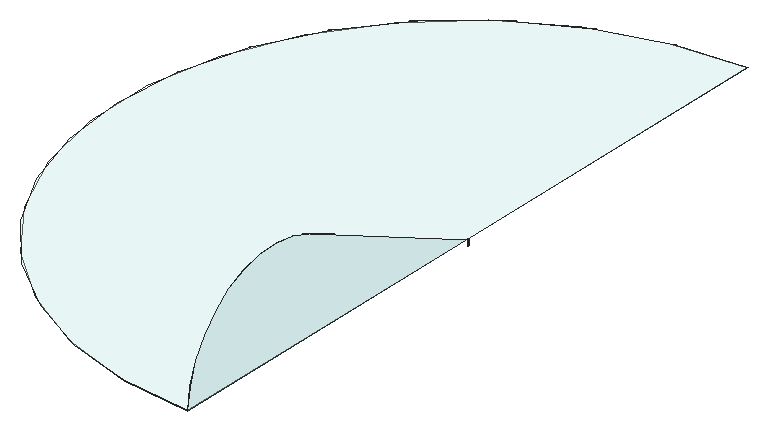
Revit family "Rotor Falvon 6504 Series - 6504FC", category Acessórios do tubo, Revit 2020
Family settings
  Cota do conector redondo = Utilizar diâmetro
  Tipo de parte = Normal
  Número OmniClass = 23.60.30.11.14
  Título OmniClass = Pipework Fittings
  Com base no plano de trabalho = Não
  Sempre na vertical = Sim
  Corte com vazios quando carregada = Não
  Compartilhado = Não
Parameters (values of type "Nozzle 18")
  Water = Water
  URL = "https://www.rainbird.com/"
  TABLE 90 = "TABLE 90psi"
  TABLE 80 = "TABLE 80psi"
  TABLE 70 = "TABLE 70psi"
  TABLE 60 = "TABLE 60psi"
  TABLE 50 = "TABLE 50psi"
  TABLE 40 = "TABLE 40psi"
  TABLE 30 = "TABLE 30psi"
  SupportProjetos: Reviw Date = ""  # constant formula
  SupportProjetos: Reviw = "R00"  # constant formula
  SupportProjetos: Level of Detail = "LOD 300"  # constant formula
  SupportProjetos: Developed = "MICHEL SOARES MOTA"  # constant formula
  SupportProjetos: Creation Date = "07/08/2020"  # constant formula
  Side inlet = no
  Rotation Water Visibility [instance] = Pop up on  # yes
  Rotation Angle [instance] = 180.00°
  RainBird: Product Link = "https://www.rainbird.com/"
  RainBird: Description = "FALCON 6504-FC Rotor "  # constant formula
  RainBird: Comment [instance] = ""
  RainBird: Code = "B65011"  # constant formula
  Radius [instance] = if(and(Pressure = 30.0 psi, Instance < 3 ft), size_lookup(TABLE 30, "Radius", 0 ft, Instance), if(and(Pressure = 40.0 psi, Instance < 9 ft), size_lookup(TABLE 40, "Radius", 0 ft, Instance), if(and(Pressure = 50.0 psi, Instance < 9 ft), size_lookup(TABLE 50, "Radius", 0 ft, Instance), if(and(Pressure = 60.0 psi, Instance < 9 ft), size_lookup(TABLE 60, "Radius", 0 ft, Instance), if(and(Pressure = 70.0 psi, Instance < 9 ft), size_lookup(TABLE 70, "Radius", 0 ft, Instance), if(and(Pressure = 80.0 psi, Instance < 9 ft), size_lookup(TABLE 80, "Radius", 0 ft, Instance), if(and(Pressure = 90.0 psi, Instance > 7 ft), size_lookup(TABLE 90, "Radius", 600 ft, Instance), 0 ft)))))))  # 63 ft
  RT = 0.009893 ft
  RN = 0.032808 ft
  R5 = 0.03937 ft
  R4 = 0.04101 ft
  R3 = 0.065617 ft
  R2 = 0.075407 ft
  R1 = 0.032808 ft
  Pressure [instance] = 60.0 psi
  Pop up height = 0.334646 ft
  Pop up on [instance] = yes
  Modelo = "6504-FC"  # constant formula
  Instance = 8 ft
  H1 = Body height / 3  # 0.236333 ft
  Flow [instance] = if(and(Pressure = 30.0 psi, Instance < 3 ft), size_lookup(TABLE 30, "Flow", 0.0 GPM, Instance), if(and(Pressure = 40.0 psi, Instance < 9 ft), size_lookup(TABLE 40, "Flow", 0.0 GPM, Instance), if(and(Pressure = 50.0 psi, Instance < 9 ft), size_lookup(TABLE 50, "Flow", 0.0 GPM, Instance), if(and(Pressure = 60.0 psi, Instance < 9 ft), size_lookup(TABLE 60, "Flow", 0.0 GPM, Instance), if(and(Pressure = 70.0 psi, Instance < 9 ft), size_lookup(TABLE 70, "Flow", 0.0 GPM, Instance), if(and(Pressure = 80.0 psi, Instance < 9 ft), size_lookup(TABLE 80, "Flow", 0.0 GPM, Instance), if(and(Pressure = 90.0 psi, Instance > 7 ft), size_lookup(TABLE 90, "Flow", 0.0 GPM, Instance), 0.0 GPM)))))))  # 17.1 GPM
  Fabricante = "Rain Bird"
  Elevação padrão = 0 ft
  Description = RainBird: Description  # "FALCON 6504-FC Rotor "
  DD13 = 0.002625 ft
  DD12 = 0.003937 ft
  DD11 = 0.009897 ft
  DD10 = 0.016404 ft
  DD8 [instance] = if(Pop up on, Pop up height, 0 ft)  # 0.334646 ft
  DD7 = 0.019685 ft
  DD6 [instance] = 0.016404 ft
  DD5 = 0.065617 ft
  DD4 = 0.032808 ft
  DD3 = 0.091048 ft
  DD2 [instance] = 0.024514 ft
  DD9 [instance] = if(Pop up on, Pop up height + 0.049541 ft, 0 ft)  # 0.384186 ft
  DD1 = 0.006562 ft
  Conection = 0.062664 ft  # constant formula
  Body height = 0.709 ft  # constant formula
  Blue = Blue Plastic
  Black Plastic = Black Plastic
  Angle = 25.00°
Types (9, lengths in ft): name | Radius | Pressure | Instance | Flow
  (no name) | 63 | 60.0 psi | 8 | 17.1 GPM
  Nozzle 4 | 43 | 80.0 psi | 1 | 4.6 GPM
  Nozzle 6 | 49 | 80.0 psi | 2 | 4.9 GPM
  Nozzle 8 | 53 | 80.0 psi | 3 | 9.4 GPM
  Nozzle 10 | 55 | 80.0 psi | 4 | 11.6 GPM
  Nozzle 12 | 61 | 80.0 psi | 5 | 14.0 GPM
  Tipo 14 | 61 | 80.0 psi | 6 | 16.2 GPM
  Nozzle 16 | 63 | 80.0 psi | 7 | 18.1 GPM
  Nozzle 18 | 63 | 60.0 psi | 8 | 17.1 GPM
Reference planes (ft)
  plane 1 "Centro (Frente/Trás)": y = 0
  plane 2: z = 0
  plane 3 "Centro (Esquerda/Direita)": x = 0
  plane 4: z = 0.003937
  plane 5: z = 0.002625
  plane 6: y = -0.065617
Forms (ft)
  Revolve 1, solid, material "Black Plastic" <- "Black Plastic"
    sketch origin (0, 0, 0) x (1, 0, 0) y (0, 0, 1)
      loop
        line (0.075407, -0.091048) -> (0.075407, -0.035324)
        arc (0.075407, -0.035324) -> (0.072509, -0.028329) -> (0.065514, -0.025431) r 0.009893
        line (0.065514, -0.025431) -> (0.046098, -0.025431) -> (0.046098, 0) -> (0.03937, 0) -> (0.03937, -0.334646) -> (0.019685, -0.334646) -> (0.019685, -0.702438) -> (0.032808, -0.702438) -> (0.032808, -0.709) -> (0.04101, -0.709) -> (0.04101, -0.702438) -> (0.055724, -0.702438)
        arc (0.055724, -0.702438) -> (0.062719, -0.699541) -> (0.065617, -0.692545) r 0.009893
        line (0.065617, -0.692545) -> (0.065617, -0.091048) -> (0.075407, -0.091048)
      axis (0, -0.709) -> (0, 0)
    angle from 0 to 360
  Extrusion 2, solid, material "Black Plastic" <- "Black Plastic"
    sketch origin (0, 0, 0) x (1, 0, 0) y (0, 1, 0)
      loop
        circle (0, 0) r 0.032808
    from -0.334646 to 0.334646
  Extrusion 3, void
    sketch origin (0, 0, 0) x (1, 0, 0) y (0, 1, 0)
      loop
        circle (0, 0) r 0.022844
    from -0.334646 to 0.334646
  Revolve 4, solid, material "Black Plastic" <- "Black Plastic"
    sketch origin (0, 0, 0) x (1, 0, 0) y (0, 0, 1)
      loop
        line (0, 0.334646) -> (0.037004, 0.334646) -> (0.037004, 0.344543)
        arc (0.037004, 0.344543) -> (0.01879, 0.349436) -> (0, 0.35105) r 0.10685
        line (0, 0.35105) -> (0, 0.334646)
      axis (0, 0.334646) -> (0, 0.35105)
    angle from 0 to 360
  Extrusion 5, solid, material "Blue Plastic" <- "Blue"
    sketch origin (0, 0, 0) x (1, 0, 0) y (0, 0, 1)
      loop
        circle (0, 0.310131) r 0.009129
      loop
        circle (0, 0.310131) r 0.004793
    from 0 to 0.034386
  Extrusion 6, void
    sketch origin (0, 0, 0) x (1, 0, 0) y (0, 0, 1)
      loop
        line (-0.02074, 0.328055) -> (-0.02074, 0.282426) -> (0.020672, 0.282426) -> (0.020672, 0.328055) -> (-0.02074, 0.328055)
      loop
        line (-0.018439, 0.325179) -> (-0.018439, 0.285685) -> (0.018179, 0.285685) -> (0.018179, 0.325179) -> (-0.018439, 0.325179)
    from 0.024556 to 0.06931
  Extrusion 7, solid, material "Black Plastic" <- "Black Plastic"
    sketch origin (0, 0, 0) x (1, 0, 0) y (0, 0, 1)
      loop
        line (0.046098, 0) -> (0.046098, -0.036876) -> (0.073493, -0.036876) -> (0.046098, 0)
    from -0.002998 to 0.002998
  Extrusion 8, solid, material "Black Plastic" <- "Black Plastic"
    sketch origin (0, 0, 0) x (-1, 0, 0) y (0, 0, -1)
      loop
        line (0.046098, 0) -> (0.073493, 0.036876) -> (0.046098, 0.036876) -> (0.046098, 0)
    from -0.002998 to 0.002998
  Extrusion 9, solid, material "Black Plastic" <- "Black Plastic"
    sketch origin (0, 0, 0) x (0.866025, 0.5, 0) y (0, 0, 1)
      loop
        line (0.046098, 0) -> (0.046098, -0.036876) -> (0.073493, -0.036876) -> (0.046098, 0)
    from -0.002998 to 0.002998
  Extrusion 10, solid, material "Black Plastic" <- "Black Plastic"
    sketch origin (0, 0, 0) x (-0.866025, -0.5, 0) y (0, 0, -1)
      loop
        line (0.046098, 0) -> (0.073493, 0.036876) -> (0.046098, 0.036876) -> (0.046098, 0)
    from -0.002998 to 0.002998
  Extrusion 11, solid, material "Black Plastic" <- "Black Plastic"
    sketch origin (0, 0, 0) x (0, 1, 0) y (0, 0, 1)
      loop
        line (0.046098, 0) -> (0.046098, -0.036876) -> (0.073493, -0.036876) -> (0.046098, 0)
    from -0.002998 to 0.002998
  Extrusion 12, solid, material "Black Plastic" <- "Black Plastic"
    sketch origin (0, 0, 0) x (0, -1, 0) y (0, 0, -1)
      loop
        line (0.046098, 0) -> (0.073493, 0.036876) -> (0.046098, 0.036876) -> (0.046098, 0)
    from -0.002998 to 0.002998
  Extrusion 13, solid, material "Black Plastic" <- "Black Plastic"
    sketch origin (0, 0, 0) x (0.5, 0.866025, 0) y (0, 0, 1)
      loop
        line (0.046098, 0) -> (0.046098, -0.036876) -> (0.073493, -0.036876) -> (0.046098, 0)
    from -0.002998 to 0.002998
  Extrusion 14, solid, material "Black Plastic" <- "Black Plastic"
    sketch origin (0, 0, 0) x (-0.5, -0.866025, 0) y (0, 0, -1)
      loop
        line (0.046098, 0) -> (0.073493, 0.036876) -> (0.046098, 0.036876) -> (0.046098, 0)
    from -0.002998 to 0.002998
  Extrusion 15, solid, material "Black Plastic" <- "Black Plastic"
    sketch origin (0, 0, 0) x (-0.5, 0.866025, 0) y (0, 0, 1)
      loop
        line (0.046098, 0) -> (0.046098, -0.036876) -> (0.073493, -0.036876) -> (0.046098, 0)
    from -0.002998 to 0.002998
  Extrusion 16, solid, material "Black Plastic" <- "Black Plastic"
    sketch origin (0, 0, 0) x (0.5, -0.866025, 0) y (0, 0, -1)
      loop
        line (0.046098, 0) -> (0.073493, 0.036876) -> (0.046098, 0.036876) -> (0.046098, 0)
    from -0.002998 to 0.002998
  Extrusion 17, solid, material "Black Plastic" <- "Black Plastic"
    sketch origin (0, 0, 0) x (-0.866025, 0.5, 0) y (0, 0, 1)
      loop
        line (0.046098, 0) -> (0.046098, -0.036876) -> (0.073493, -0.036876) -> (0.046098, 0)
    from -0.002998 to 0.002998
  Extrusion 18, solid, material "Black Plastic" <- "Black Plastic"
    sketch origin (0, 0, 0) x (0.866025, -0.5, 0) y (0, 0, -1)
      loop
        line (0.046098, 0) -> (0.073493, 0.036876) -> (0.046098, 0.036876) -> (0.046098, 0)
    from -0.002998 to 0.002998
  Extrusion 19, void
    sketch origin (0, 0, 0) x (1, 0, 0) y (0, 1, 0)
      loop
        line (-0.002998, 0.077702) -> (-0.002998, 0.071655) -> (0.002998, 0.071655) -> (0.002998, 0.077702) -> (-0.002998, 0.077702)
    from -0.091048 to 0.82021
  Extrusion 20, void
    sketch origin (0, 0, 0) x (1, 0, 0) y (0, 1, 0)
      loop
        line (0.002998, -0.077702) -> (0.002998, -0.071655) -> (-0.002998, -0.071655) -> (-0.002998, -0.077702) -> (0.002998, -0.077702)
    from -0.091048 to 0.82021
  Extrusion 21, void
    sketch origin (0, 0, 0) x (0.965926, 0.258819, 0) y (-0.258819, 0.965926, 0)
      loop
        line (-0.002998, 0.077702) -> (-0.002998, 0.071655) -> (0.002998, 0.071655) -> (0.002998, 0.077702) -> (-0.002998, 0.077702)
    from -0.091048 to 0.82021
  Extrusion 22, void
    sketch origin (0, 0, 0) x (0.965926, 0.258819, 0) y (-0.258819, 0.965926, 0)
      loop
        line (0.002998, -0.077702) -> (0.002998, -0.071655) -> (-0.002998, -0.071655) -> (-0.002998, -0.077702) -> (0.002998, -0.077702)
    from -0.091048 to 0.82021
  Extrusion 23, void
    sketch origin (0, 0, 0) x (0.866025, 0.5, 0) y (-0.5, 0.866025, 0)
      loop
        line (-0.002998, 0.077702) -> (-0.002998, 0.071655) -> (0.002998, 0.071655) -> (0.002998, 0.077702) -> (-0.002998, 0.077702)
    from -0.091048 to 0.82021
  Extrusion 24, void
    sketch origin (0, 0, 0) x (0.866025, 0.5, 0) y (-0.5, 0.866025, 0)
      loop
        line (0.002998, -0.077702) -> (0.002998, -0.071655) -> (-0.002998, -0.071655) -> (-0.002998, -0.077702) -> (0.002998, -0.077702)
    from -0.091048 to 0.82021
  Extrusion 25, void
    sketch origin (0, 0, 0) x (0.5, 0.866025, 0) y (-0.866025, 0.5, 0)
      loop
        line (-0.002998, 0.077702) -> (-0.002998, 0.071655) -> (0.002998, 0.071655) -> (0.002998, 0.077702) -> (-0.002998, 0.077702)
    from -0.091048 to 0.82021
  Extrusion 26, void
    sketch origin (0, 0, 0) x (0.5, 0.866025, 0) y (-0.866025, 0.5, 0)
      loop
        line (0.002998, -0.077702) -> (0.002998, -0.071655) -> (-0.002998, -0.071655) -> (-0.002998, -0.077702) -> (0.002998, -0.077702)
    from -0.091048 to 0.82021
  Extrusion 27, void
    sketch origin (0, 0, 0) x (0.707107, 0.707107, 0) y (-0.707107, 0.707107, 0)
      loop
        line (-0.002998, 0.077702) -> (-0.002998, 0.071655) -> (0.002998, 0.071655) -> (0.002998, 0.077702) -> (-0.002998, 0.077702)
    from -0.091048 to 0.82021
  Extrusion 28, void
    sketch origin (0, 0, 0) x (0.707107, 0.707107, 0) y (-0.707107, 0.707107, 0)
      loop
        line (0.002998, -0.077702) -> (0.002998, -0.071655) -> (-0.002998, -0.071655) -> (-0.002998, -0.077702) -> (0.002998, -0.077702)
    from -0.091048 to 0.82021
  Extrusion 29, void
    sketch origin (0, 0, 0) x (0.258819, 0.965926, 0) y (-0.965926, 0.258819, 0)
      loop
        line (-0.002998, 0.077702) -> (-0.002998, 0.071655) -> (0.002998, 0.071655) -> (0.002998, 0.077702) -> (-0.002998, 0.077702)
    from -0.091048 to 0.82021
  Extrusion 30, void
    sketch origin (0, 0, 0) x (0.258819, 0.965926, 0) y (-0.965926, 0.258819, 0)
      loop
        line (0.002998, -0.077702) -> (0.002998, -0.071655) -> (-0.002998, -0.071655) -> (-0.002998, -0.077702) -> (0.002998, -0.077702)
    from -0.091048 to 0.82021
  Extrusion 31, void
    sketch origin (0, 0, 0) x (0, 1, 0) y (-1, 0, 0)
      loop
        line (-0.002998, 0.077702) -> (-0.002998, 0.071655) -> (0.002998, 0.071655) -> (0.002998, 0.077702) -> (-0.002998, 0.077702)
    from -0.091048 to 0.82021
  Extrusion 32, void
    sketch origin (0, 0, 0) x (0, 1, 0) y (-1, 0, 0)
      loop
        line (0.002998, -0.077702) -> (0.002998, -0.071655) -> (-0.002998, -0.071655) -> (-0.002998, -0.077702) -> (0.002998, -0.077702)
    from -0.091048 to 0.82021
  Extrusion 33, void
    sketch origin (0, 0, 0) x (-0.258819, 0.965926, 0) y (-0.965926, -0.258819, 0)
      loop
        line (-0.002998, 0.077702) -> (-0.002998, 0.071655) -> (0.002998, 0.071655) -> (0.002998, 0.077702) -> (-0.002998, 0.077702)
    from -0.091048 to 0.82021
  Extrusion 34, void
    sketch origin (0, 0, 0) x (-0.258819, 0.965926, 0) y (-0.965926, -0.258819, 0)
      loop
        line (0.002998, -0.077702) -> (0.002998, -0.071655) -> (-0.002998, -0.071655) -> (-0.002998, -0.077702) -> (0.002998, -0.077702)
    from -0.091048 to 0.82021
  Extrusion 35, void
    sketch origin (0, 0, 0) x (-0.5, 0.866025, 0) y (-0.866025, -0.5, 0)
      loop
        line (-0.002998, 0.077702) -> (-0.002998, 0.071655) -> (0.002998, 0.071655) -> (0.002998, 0.077702) -> (-0.002998, 0.077702)
    from -0.091048 to 0.82021
  Extrusion 36, void
    sketch origin (0, 0, 0) x (-0.5, 0.866025, 0) y (-0.866025, -0.5, 0)
      loop
        line (0.002998, -0.077702) -> (0.002998, -0.071655) -> (-0.002998, -0.071655) -> (-0.002998, -0.077702) -> (0.002998, -0.077702)
    from -0.091048 to 0.82021
  Extrusion 37, void
    sketch origin (0, 0, 0) x (-0.707107, 0.707107, 0) y (-0.707107, -0.707107, 0)
      loop
        line (-0.002998, 0.077702) -> (-0.002998, 0.071655) -> (0.002998, 0.071655) -> (0.002998, 0.077702) -> (-0.002998, 0.077702)
    from -0.091048 to 0.82021
  Extrusion 38, void
    sketch origin (0, 0, 0) x (-0.707107, 0.707107, 0) y (-0.707107, -0.707107, 0)
      loop
        line (0.002998, -0.077702) -> (0.002998, -0.071655) -> (-0.002998, -0.071655) -> (-0.002998, -0.077702) -> (0.002998, -0.077702)
    from -0.091048 to 0.82021
  Extrusion 39, void
    sketch origin (0, 0, 0) x (-0.866025, 0.5, 0) y (-0.5, -0.866025, 0)
      loop
        line (-0.002998, 0.077702) -> (-0.002998, 0.071655) -> (0.002998, 0.071655) -> (0.002998, 0.077702) -> (-0.002998, 0.077702)
    from -0.091048 to 0.82021
  Extrusion 40, void
    sketch origin (0, 0, 0) x (-0.866025, 0.5, 0) y (-0.5, -0.866025, 0)
      loop
        line (0.002998, -0.077702) -> (0.002998, -0.071655) -> (-0.002998, -0.071655) -> (-0.002998, -0.077702) -> (0.002998, -0.077702)
    from -0.091048 to 0.82021
  Extrusion 41, void
    sketch origin (0, 0, 0) x (-0.965926, 0.258819, 0) y (-0.258819, -0.965926, 0)
      loop
        line (-0.002998, 0.077702) -> (-0.002998, 0.071655) -> (0.002998, 0.071655) -> (0.002998, 0.077702) -> (-0.002998, 0.077702)
    from -0.091048 to 0.82021
  Extrusion 42, void
    sketch origin (0, 0, 0) x (-0.965926, 0.258819, 0) y (-0.258819, -0.965926, 0)
      loop
        line (0.002998, -0.077702) -> (0.002998, -0.071655) -> (-0.002998, -0.071655) -> (-0.002998, -0.077702) -> (0.002998, -0.077702)
    from -0.091048 to 0.82021
  Extrusion 43, solid, material "Water" <- "Water", visible <- "Rotation Water Visibility"
    sketch origin (0, 0, 0) x (0, 1, 0) y (0, 0, 1)
      loop
        line (-0.032808, 0.310131) -> (-35.615202, 16.902474)
        arc (-35.615202, 16.902474) -> (-53.751991, 15.923219) -> (-63.032808, 0.310131) r 19.287003
        line (-63.032808, 0.310131) -> (-0.032808, 0.310131)
    from -0.008202 to 0.008202
Cuts and joins
  Extrusion 3, Extrusion 6 cuts Extrusion 2
  Extrusion 19, Extrusion 20, Extrusion 21, Extrusion 22, Extrusion 23, Extrusion 24, Extrusion 25, Extrusion 26, Extrusion 27, Extrusion 28, Extrusion 29, Extrusion 30, Extrusion 31, Extrusion 32, Extrusion 33, Extrusion 34, Extrusion 35, Extrusion 36, Extrusion 37, Extrusion 38, Extrusion 39, Extrusion 40, Extrusion 41, Extrusion 42 cuts Revolve 1
Dimensions and locks (ft)
  "Body height": level to Revolve 1 sketch curve
  "R2": Revolve 1 sketch curve to plane 3 "Centro (Esquerda/Direita)"
  "DD1": Revolve 1 sketch curve to Revolve 1 sketch curve
  "DD3": level to Revolve 1 sketch curve
  Revolve 1 sketch curve to plane 3 "Centro (Esquerda/Direita)" = 0.065617 ft
  "R4": Revolve 1 sketch curve to plane 3 "Centro (Esquerda/Direita)"
  "RN": Revolve 1 sketch curve to plane 3 "Centro (Esquerda/Direita)"
  "Pop up height": level to Revolve 1 sketch curve
  "R5": plane 3 "Centro (Esquerda/Direita)" to Revolve 1 sketch curve
  "DD7": Revolve 1 sketch curve to plane 3 "Centro (Esquerda/Direita)"
  "DD8": Extrusion 2 to level
  "DD12": plane 4 to level
  "DD13": plane 5 to level
  "R3": plane 6 to plane 1 "Centro (Frente/Trás)"
  "DD5": Revolve 1 sketch curve to Revolve 1 sketch curve
  "DD10": Revolve 4 sketch curve to Revolve 4 sketch curve
  "DD11": Revolve 4 sketch curve to Revolve 4 sketch curve
  "DD2": Revolve 4 to Extrusion 5 sketch curve  (x2)
  Extrusion 7 to plane 3 "Centro (Esquerda/Direita)" = 0.046098 ft
  equal spacing: Extrusion 7, plane 1 "Centro (Frente/Trás)", Extrusion 7
  Extrusion 8 to Extrusion 8 = 0.005995 ft
  Extrusion 9 to Extrusion 9 = 0.005995 ft
  Extrusion 20 sketch curve to Extrusion 20 sketch curve = 0.005995 ft
  Extrusion 22 sketch curve to Extrusion 22 sketch curve = 0.005995 ft
  Extrusion 24 sketch curve to Extrusion 24 sketch curve = 0.005995 ft
  Extrusion 26 sketch curve to Extrusion 26 sketch curve = 0.005995 ft
  Extrusion 28 sketch curve to Extrusion 28 sketch curve = 0.005995 ft
  Extrusion 30 sketch curve to Extrusion 30 sketch curve = 0.005995 ft
  Extrusion 32 sketch curve to Extrusion 32 sketch curve = 0.005995 ft
  Extrusion 34 sketch curve to Extrusion 34 sketch curve = 0.005995 ft
  Extrusion 36 sketch curve to Extrusion 36 sketch curve = 0.005995 ft
  Extrusion 38 sketch curve to Extrusion 38 sketch curve = 0.005995 ft
  Extrusion 40 sketch curve to Extrusion 40 sketch curve = 0.005995 ft
  Extrusion 42 sketch curve to Extrusion 42 sketch curve = 0.005995 ft
  "DD4": plane 1 "Centro (Frente/Trás)" to Extrusion 43 sketch curve
  "DD2": Revolve 4 to Extrusion 43 sketch curve
  "Radius": Extrusion 43 sketch curve to Extrusion 43 sketch curve
  equal spacing: Extrusion 43, plane 3 "Centro (Esquerda/Direita)", Extrusion 43
  "DD6": Extrusion 43 to Extrusion 43
  "DD2": Revolve 4 to nested 1
  "RT": radius of Revolve 1 sketch curve  (x2)
  "R1": radius of Extrusion 2 sketch curve
  "Angle": angle Extrusion 43 sketch curve to Extrusion 43 sketch curve
  aligned and locked: level to plane 2
  aligned and locked: Revolve 1 sketch curve to Revolve 1 sketch curve
  aligned and locked: Extrusion 2 to Revolve 1
  aligned and locked: cut or joined group of Extrusion 2, Extrusion 3, Extrusion 6 to cut or joined group of Extrusion 2, Extrusion 3, Extrusion 6  (x2)
  aligned and locked: Revolve 4 sketch curve to cut or joined group of Extrusion 2, Extrusion 3, Extrusion 6
  aligned and locked: Extrusion 20 to Revolve 1
  aligned and locked: Extrusion 22 to Revolve 1
  aligned and locked: Extrusion 24 to Revolve 1
  aligned and locked: Extrusion 28 to Revolve 1
  aligned and locked: Extrusion 26 to Revolve 1
  aligned and locked: Extrusion 30 to Revolve 1
  aligned and locked: Extrusion 32 to Revolve 1
  aligned and locked: Extrusion 34 to Revolve 1
  aligned and locked: Revolve 1 to Extrusion 36
  aligned and locked: Revolve 1 to Extrusion 38
  aligned and locked: Extrusion 41 to Revolve 1
  aligned and locked: Extrusion 39 to Revolve 1
  aligned and locked: Extrusion 37 to Revolve 1
  aligned and locked: Extrusion 35 to Revolve 1
  aligned and locked: Extrusion 33 to Revolve 1
  aligned and locked: Extrusion 31 to Revolve 1
  aligned and locked: Extrusion 29 to Revolve 1
  aligned and locked: Revolve 1 to Extrusion 25
  aligned and locked: Revolve 1 to Extrusion 27
  aligned and locked: Revolve 1 to Extrusion 19
  aligned and locked: Revolve 1 to Extrusion 21
  aligned and locked: Revolve 1 to Extrusion 42
  aligned and locked: Revolve 1 to Extrusion 40
  aligned and locked: Revolve 1 to Extrusion 23
Automatic sketch dimensions
  plane 1 "Centro (Frente/Trás)" to Extrusion 2 sketch curve = 0 ft
  Extrusion 2 sketch curve to plane 3 "Centro (Esquerda/Direita)" = 0 ft
  plane 1 "Centro (Frente/Trás)" to Extrusion 3 sketch curve = 0 ft
  Extrusion 3 sketch curve to plane 3 "Centro (Esquerda/Direita)" = 0 ft
  Revolve 4 sketch curve to plane 3 "Centro (Esquerda/Direita)" = 0 ft  (x2)
  plane 3 "Centro (Esquerda/Direita)" to Revolve 4 sketch curve = 0.000284 ft
  plane 3 "Centro (Esquerda/Direita)" to Revolve 4 sketch curve = 0.037004 ft
  Revolve 4 sketch curve to Revolve 4 sketch curve = 0.015719 ft
  Revolve 4 sketch curve to Revolve 4 sketch curve = 0.114829 ft
  Extrusion 5 sketch curve to Extrusion 5 sketch curve = 0 ft
  Extrusion 5 sketch curve to plane 3 "Centro (Esquerda/Direita)" = 0 ft
  Extrusion 6 sketch curve to plane 3 "Centro (Esquerda/Direita)" = 0.02074 ft
  Extrusion 6 sketch curve to Extrusion 6 sketch curve = 0.002301 ft
  plane 3 "Centro (Esquerda/Direita)" to Extrusion 6 sketch curve = 0.018179 ft
  Extrusion 6 sketch curve to Extrusion 6 sketch curve = 0.002492 ft
  plane 4 to Extrusion 6 sketch curve = 0.278489 ft
  Extrusion 6 sketch curve to Extrusion 6 sketch curve = 0.003259 ft
  Extrusion 6 sketch curve to Extrusion 6 sketch curve = 0.039494 ft
  Extrusion 6 sketch curve to Extrusion 6 sketch curve = 0.002876 ft
  Extrusion 7 sketch curve to level = 0 ft
  plane 3 "Centro (Esquerda/Direita)" to Extrusion 7 sketch curve = 0.046098 ft
  Extrusion 7 sketch curve to Extrusion 7 sketch curve = 0.027396 ft
  Extrusion 7 sketch curve to Extrusion 7 sketch curve = 0.036876 ft
  Extrusion 8 sketch curve to level = 0 ft
  plane 3 "Centro (Esquerda/Direita)" to Extrusion 8 sketch curve = 0.046098 ft
  Extrusion 8 sketch curve to Extrusion 8 sketch curve = 0.027396 ft
  Extrusion 8 sketch curve to Extrusion 8 sketch curve = 0.036876 ft
  Extrusion 9 sketch curve to level = 0 ft
  Extrusion 9 sketch curve to level = 0.036876 ft
  Extrusion 9 sketch curve to Extrusion 9 sketch curve = 0.027396 ft
  Extrusion 10 sketch curve to level = 0 ft
  Extrusion 10 sketch curve to level = 0.036876 ft
  Extrusion 10 sketch curve to Extrusion 10 sketch curve = 0.027396 ft
  Extrusion 11 sketch curve to level = 0 ft
  Extrusion 11 sketch curve to plane 1 "Centro (Frente/Trás)" = 0.046098 ft
  Extrusion 11 sketch curve to Extrusion 11 sketch curve = 0.027396 ft
  Extrusion 11 sketch curve to Extrusion 11 sketch curve = 0.036876 ft
  Extrusion 12 sketch curve to level = 0 ft
  plane 6 to Extrusion 12 sketch curve = 0.019519 ft
  Extrusion 12 sketch curve to plane 6 = 0.007877 ft
  Extrusion 12 sketch curve to level = 0.036876 ft
  Extrusion 13 sketch curve to level = 0 ft
  Extrusion 13 sketch curve to level = 0.036876 ft
  Extrusion 13 sketch curve to Extrusion 13 sketch curve = 0.027396 ft
  Extrusion 14 sketch curve to level = 0 ft
  Extrusion 14 sketch curve to level = 0.036876 ft
  Extrusion 14 sketch curve to Extrusion 14 sketch curve = 0.027396 ft
  level to Extrusion 15 sketch curve = 0 ft
  Extrusion 15 sketch curve to level = 0.036876 ft
  Extrusion 15 sketch curve to Extrusion 15 sketch curve = 0.027396 ft
  level to Extrusion 16 sketch curve = 0 ft
  Extrusion 16 sketch curve to level = 0.036876 ft
  Extrusion 16 sketch curve to Extrusion 16 sketch curve = 0.027396 ft
  level to Extrusion 17 sketch curve = 0 ft
  Extrusion 17 sketch curve to level = 0.036876 ft
  Extrusion 17 sketch curve to Extrusion 17 sketch curve = 0.027396 ft
  level to Extrusion 18 sketch curve = 0 ft
  Extrusion 18 sketch curve to level = 0.036876 ft
  Extrusion 18 sketch curve to Extrusion 18 sketch curve = 0.027396 ft
  Extrusion 19 sketch curve to plane 3 "Centro (Esquerda/Direita)" = 0.002998 ft
  Extrusion 19 sketch curve to plane 1 "Centro (Frente/Trás)" = 0.071655 ft
  Extrusion 19 sketch curve to Extrusion 19 sketch curve = 0.006047 ft
  plane 3 "Centro (Esquerda/Direita)" to Extrusion 20 sketch curve = 0.002998 ft
  plane 6 to Extrusion 20 sketch curve = 0.006038 ft
  Extrusion 20 sketch curve to Extrusion 20 sketch curve = 0.006047 ft
  plane 3 "Centro (Esquerda/Direita)" to Extrusion 19 sketch curve = 0.002998 ft
  Extrusion 21 sketch curve to plane 3 "Centro (Esquerda/Direita)" = 0.021441 ft
  Extrusion 21 sketch curve to plane 1 "Centro (Frente/Trás)" = 0.068438 ft
  Extrusion 21 sketch curve to Extrusion 21 sketch curve = 0.005995 ft
  Extrusion 21 sketch curve to Extrusion 21 sketch curve = 0.006047 ft
  Extrusion 22 sketch curve to plane 6 = 0.010213 ft
  plane 3 "Centro (Esquerda/Direita)" to Extrusion 22 sketch curve = 0.017215 ft
  Extrusion 22 sketch curve to Extrusion 22 sketch curve = 0.006047 ft
  Extrusion 23 sketch curve to plane 3 "Centro (Esquerda/Direita)" = 0.038424 ft
  Extrusion 23 sketch curve to plane 1 "Centro (Frente/Trás)" = 0.060556 ft
  Extrusion 23 sketch curve to Extrusion 23 sketch curve = 0.005995 ft
  Extrusion 23 sketch curve to Extrusion 23 sketch curve = 0.006047 ft
  Extrusion 24 sketch curve to plane 6 = 0.003174 ft
  plane 3 "Centro (Esquerda/Direita)" to Extrusion 24 sketch curve = 0.036255 ft
  Extrusion 24 sketch curve to Extrusion 24 sketch curve = 0.006047 ft
  Extrusion 25 sketch curve to plane 1 "Centro (Frente/Trás)" = 0.033231 ft
  Extrusion 25 sketch curve to plane 3 "Centro (Esquerda/Direita)" = 0.063554 ft
  Extrusion 25 sketch curve to Extrusion 25 sketch curve = 0.005995 ft
  Extrusion 25 sketch curve to Extrusion 25 sketch curve = 0.006047 ft
  Extrusion 26 sketch curve to plane 6 = 0.02417 ft
  Extrusion 26 sketch curve to plane 3 "Centro (Esquerda/Direita)" = 0.065793 ft
  Extrusion 26 sketch curve to Extrusion 26 sketch curve = 0.006047 ft
  Extrusion 27 sketch curve to plane 1 "Centro (Frente/Trás)" = 0.048548 ft
  Extrusion 27 sketch curve to plane 3 "Centro (Esquerda/Direita)" = 0.052787 ft
  Extrusion 27 sketch curve to Extrusion 27 sketch curve = 0.005995 ft
  Extrusion 27 sketch curve to Extrusion 27 sketch curve = 0.006047 ft
  plane 6 to Extrusion 28 sketch curve = 0.008554 ft
  plane 3 "Centro (Esquerda/Direita)" to Extrusion 28 sketch curve = 0.052824 ft
  Extrusion 28 sketch curve to Extrusion 28 sketch curve = 0.006047 ft
  Extrusion 29 sketch curve to plane 1 "Centro (Frente/Trás)" = 0.01565 ft
  Extrusion 29 sketch curve to plane 3 "Centro (Esquerda/Direita)" = 0.069989 ft
  Extrusion 29 sketch curve to Extrusion 29 sketch curve = 0.005995 ft
  Extrusion 29 sketch curve to Extrusion 29 sketch curve = 0.006047 ft
  plane 1 "Centro (Frente/Trás)" to Extrusion 30 sketch curve = 0.023006 ft
  plane 3 "Centro (Esquerda/Direita)" to Extrusion 30 sketch curve = 0.074278 ft
  Extrusion 30 sketch curve to Extrusion 30 sketch curve = 0.006047 ft
  plane 1 "Centro (Frente/Trás)" to Extrusion 31 sketch curve = 0.002998 ft
  Extrusion 31 sketch curve to plane 1 "Centro (Frente/Trás)" = 0.002998 ft
  Extrusion 31 sketch curve to plane 3 "Centro (Esquerda/Direita)" = 0.071655 ft
  Extrusion 31 sketch curve to Extrusion 31 sketch curve = 0.006047 ft
  plane 1 "Centro (Frente/Trás)" to Extrusion 32 sketch curve = 0.002998 ft
  plane 3 "Centro (Esquerda/Direita)" to Extrusion 32 sketch curve = 0.077702 ft
  Extrusion 32 sketch curve to Extrusion 32 sketch curve = 0.006047 ft
  plane 1 "Centro (Frente/Trás)" to Extrusion 33 sketch curve = 0.021441 ft
  Extrusion 33 sketch curve to plane 3 "Centro (Esquerda/Direita)" = 0.068438 ft
  Extrusion 33 sketch curve to Extrusion 33 sketch curve = 0.005995 ft
  Extrusion 33 sketch curve to Extrusion 33 sketch curve = 0.006047 ft
  Extrusion 34 sketch curve to plane 1 "Centro (Frente/Trás)" = 0.017215 ft
  plane 3 "Centro (Esquerda/Direita)" to Extrusion 34 sketch curve = 0.07583 ft
  Extrusion 34 sketch curve to Extrusion 34 sketch curve = 0.006047 ft
  plane 6 to Extrusion 35 sketch curve = 0.027193 ft
  Extrusion 35 sketch curve to plane 3 "Centro (Esquerda/Direita)" = 0.060556 ft
  Extrusion 35 sketch curve to Extrusion 35 sketch curve = 0.005995 ft
  Extrusion 35 sketch curve to Extrusion 35 sketch curve = 0.006047 ft
  Extrusion 36 sketch curve to plane 1 "Centro (Frente/Trás)" = 0.036255 ft
  plane 3 "Centro (Esquerda/Direita)" to Extrusion 36 sketch curve = 0.068791 ft
  Extrusion 36 sketch curve to Extrusion 36 sketch curve = 0.006047 ft
  plane 6 to Extrusion 37 sketch curve = 0.012829 ft
  Extrusion 37 sketch curve to plane 3 "Centro (Esquerda/Direita)" = 0.048548 ft
  Extrusion 37 sketch curve to Extrusion 37 sketch curve = 0.005995 ft
  Extrusion 37 sketch curve to Extrusion 37 sketch curve = 0.006047 ft
  Extrusion 38 sketch curve to plane 1 "Centro (Frente/Trás)" = 0.052824 ft
  plane 3 "Centro (Esquerda/Direita)" to Extrusion 38 sketch curve = 0.057063 ft
  Extrusion 38 sketch curve to Extrusion 38 sketch curve = 0.006047 ft
  plane 6 to Extrusion 39 sketch curve = 0.002063 ft
  Extrusion 39 sketch curve to plane 3 "Centro (Esquerda/Direita)" = 0.033231 ft
  Extrusion 39 sketch curve to Extrusion 39 sketch curve = 0.005995 ft
  Extrusion 39 sketch curve to Extrusion 39 sketch curve = 0.006047 ft
  plane 3 "Centro (Esquerda/Direita)" to Extrusion 40 sketch curve = 0.041447 ft
  Extrusion 40 sketch curve to plane 1 "Centro (Frente/Trás)" = 0.065793 ft
  Extrusion 40 sketch curve to Extrusion 40 sketch curve = 0.006047 ft
  Extrusion 41 sketch curve to plane 6 = 0.004372 ft
  Extrusion 41 sketch curve to plane 3 "Centro (Esquerda/Direita)" = 0.01565 ft
  Extrusion 41 sketch curve to Extrusion 41 sketch curve = 0.005995 ft
  Extrusion 41 sketch curve to Extrusion 41 sketch curve = 0.006047 ft
  plane 3 "Centro (Esquerda/Direita)" to Extrusion 42 sketch curve = 0.023006 ft
  Extrusion 42 sketch curve to plane 1 "Centro (Frente/Trás)" = 0.074278 ft
  Extrusion 42 sketch curve to Extrusion 42 sketch curve = 0.006047 ft
  Revolve 1 sketch curve to plane 3 "Centro (Esquerda/Direita)" = 0 ft
  Revolve 1 sketch curve to level = 0 ft
  Revolve 1 sketch curve to Revolve 1 sketch curve = 0.019416 ft
  plane 4 to Revolve 1 sketch curve = 0.079347 ft
  Revolve 1 sketch curve to Revolve 1 sketch curve = 0.918635 ft
  Extrusion 43 sketch curve to level = 0.577487 ft
  radius of Extrusion 3 sketch curve = 0.022844 ft
  radius of Extrusion 5 sketch curve = 0.009129 ft
  radius of Extrusion 5 sketch curve = 0.004793 ft
Nested families (ft)
  nested 1: "Water" at (-0.000078, 0, 0.190873) x (0, -1, 0) z (0, 0, 1), DT9 <- "DD4", Radius <- "Radius", visible <- "Rotation Water Visibility", Rotation Angle <- "Rotation Angle", type "Water"
    with Rotation Angle 180.00°, Radius 63 ft, DT9 0.032808 ft, DT8 0 ft, DT7 252 ft, DT4 315 ft, Angle 2 180.00°
Connectors (ft)
  piping at (0, 0, -0.709), diameter 2
    settings: on cut or joined group of Revolve 1, Extrusion 19, Extrusion 20, Extrusion 21, Extrusion 22, Extrusion 23, Extrusion 24, Extrusion 25, Extrusion 26, Extrusion 27, Extrusion 28, Extrusion 29, Extrusion 30, Extrusion 31, Extrusion 32, Extrusion 33, Extrusion 34, Extrusion 35, Extrusion 36, Extrusion 37, Extrusion 38, Extrusion 39, Extrusion 40, Extrusion 41, Extrusion 42, index 1, connector inside diameter 609.6 mm, connector length 0 ft, flow factor 0, pipe flow 0.0 GPM, pressure drop 0.0 psi, fitting loss kfactor 0, connector angle 0.00°, fixture units 0, engagement length 0 ft, angle of deflection 0.00°, flow configuration 0, flow direction 0, fitting loss method 0, system type 28, joint type 0, gender type 0, connector reference index -1, connector utility 0, adjustable connector no, is connector primary yes, connector description ""
Definition of nested family "Water"
  Parameters (values of type "Water")
    Water Visibility (Circle) = yes
    Water = none
    URL = ""
    SupportProjetos: Reviw Date = ""  # constant formula
    SupportProjetos: Level of Detail = "LOD 300"  # constant formula
    SupportProjetos: Developed = "MICHEL SOARES MOTA"  # constant formula
    SupportProjetos: Creation Date = "16/07/2020"  # constant formula
    Rotation Angle [instance] = 90.00°
    Reviw = "R00"  # constant formula
    Radius [instance] = 14 ft
    Model = ""
    Default Elevation = 4 ft
    Description = ""
    DT9 [instance] = 0.032808 ft
    DT8 [instance] = if(Rotation Angle = 360.00°, 10 ft, 0 ft)  # 0 ft
    DT7 [instance] = 4 * Radius  # 56 ft
    DT4 [instance] = 5 * Radius  # 70 ft
    DT2 = 0.098425 ft  # constant formula
    DT6 = 0 ft
    Angle 2 [instance] = if(Rotation Angle = 360.00°, 180.00°, 360.00° - Rotation Angle)  # 270.00°
  Reference planes (ft)
    plane 1 "Centro (Frente/Trás)": y = 0
    plane 2: z = 0
    plane 3 "Centro (Esquerda/Direita)": x = 0
  Forms (ft)
    Revolve 1, solid, material <- "Water", visible <- "Water Visibility (Circle)"
      sketch origin (0, 0, 0) x (1, 0, 0) y (0, 0, 1)
        loop
          line (0.032808, 0.098425) -> (14.032808, 0.098425) -> (14.032808, 0.119259) -> (0.032808, 0.119259) -> (0.032808, 0.098425)
        axis (0, 0.098425) -> (0, 0.119259)
      angle from 0 to 360
    Extrusion 2, void
      sketch origin (0, 0, 0) x (1, 0, 0) y (0, 1, 0)
        loop
          line (0, 0) -> (70, 0) -> (70, 56)
          arc (70, 56) -> (-70.459018, 51.588344) -> (0, -70) r 81.847109
          line (0, -70) -> (0, 0)
      from 0 to 15.189231
  Cuts and joins
    Extrusion 2 cuts Revolve 1
  Dimensions and locks (ft)
    "DT2": Revolve 1 sketch curve to level
    "DT4": Extrusion 2 sketch curve to Extrusion 2 sketch curve  (x2)
    "DT6": Extrusion 2 sketch curve to plane 3 "Centro (Esquerda/Direita)"
    "DT7": Extrusion 2 sketch curve to Extrusion 2 sketch curve
    "DT8": cut or joined group of Revolve 1, Extrusion 2 to level
    "Radius": Revolve 1 sketch curve to Revolve 1 sketch curve
    "DT9": Revolve 1 sketch curve to plane 3 "Centro (Esquerda/Direita)"
    "Angle 2": angle Extrusion 2 sketch curve to Extrusion 2 sketch curve
    aligned and locked: level to plane 2
    aligned and locked: plane 1 "Centro (Frente/Trás)" to Extrusion 2 sketch curve
  Automatic sketch dimensions
    plane 3 "Centro (Esquerda/Direita)" to Extrusion 2 sketch curve = 1.088227 ft
    Revolve 1 sketch curve to plane 3 "Centro (Esquerda/Direita)" = 0 ft
    Revolve 1 sketch curve to Revolve 1 sketch curve = 0.020833 ft
    Revolve 1 sketch curve to Revolve 1 sketch curve = 0.032113 ft
    Revolve 1 sketch curve to Revolve 1 sketch curve = 10.2693 ft
